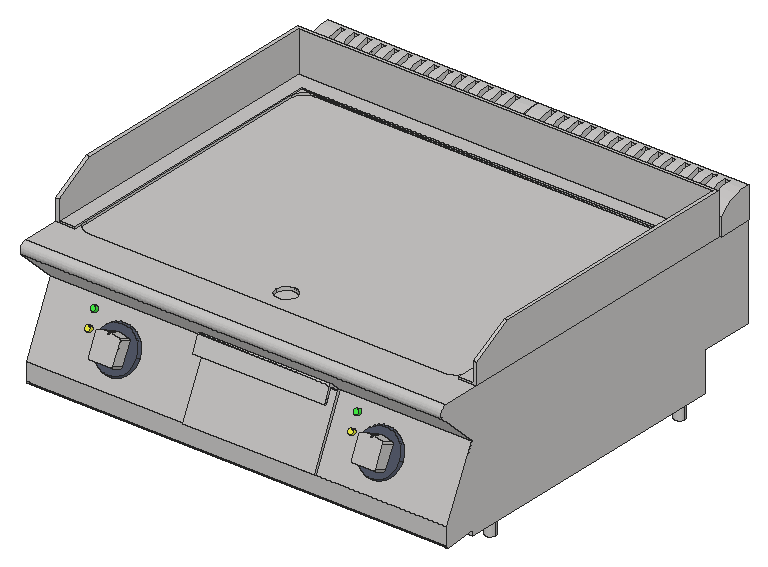
Revit family "QF_ELECTROLUXPROFESSIONAL_371344_E7IILDAOMEA", category Specialty Equipment, Revit 2018
Family settings
  Round Connector Dimension = Use Diameter
  Part Type = Normal
  Work Plane-Based = No
  Always vertical = Yes
  Cut with Voids When Loaded = No
  Shared = No
  Room Calculation Point = No
Parameters (values of type "Standard")
  Weight = 70.00 kg
  Watts = 0 W
  Volts = 380 V
  URL Manufacturer = "http://professional.electrolux.com"
  URL = "http://professional.electrolux.com"
  Steam Supply Size = 0"
  Steam Supply Minimum Pressure = 0.00 psi
  Steam Supply Maximum Pressure = 0.00 psi
  Steam Pounds per Hour = 0
  Show Logo [instance] = yes
  Show Clearance [instance] = yes
  Refrigeration Suction Line Size = 0"
  Refrigeration Liquid Line Size = 0"
  Refrigerant Compressor Remote = yes
  Phase = 3
  Model = "E7IILDAOMEA"
  Manufacturer = "Electrolux Professional"
  Length Actual = 800 mm  # constant formula
  Item Number = "371344"
  Hot Water Size = 0"
  Height Actual = 250 mm  # constant formula
  HP = "11.3 HP"
  Gas Size = 1/2"
  Gas KW = 0
  Gas Input Pressure = 0.469158 Btu/h
  Direct Waste Size = 0"
  Description = "ELECTRIC  FRY TOP-RIBBED PLATE 800MM-BRUSHED CHROME"
  Depth Actual = 730 mm  # constant formula
  Cycle = 50 Hz
  Condensate Return Size = 0"
  Compressed Air Volume = 0 GPM
  Compressed Air Size = 0"
  Compressed Air Pressure = 0.00 psi
  Cold Water Size = 0"
  Assembly Code = ""
  Accessory = yes
Reference planes
  plane 1 "BACK": y = 0
  plane 2: z = 0
  plane 3 "LEFT": x = 0
  plane 4 "RIGHT": x = 800
  plane 5 "FRONT": y = -730
  plane 6 "TOP": z = 288.925
  plane 7 "Center Y": x = 400
  plane 8 "Center X": y = -365
  plane 9 "BASE": z = 24
  plane 10 "TOP A": z = 900
  plane 11: y = -597.884
  plane 12: y = -147.637
  plane 13: z = 980.188
  plane 14: y = -700
  plane 15 "panel": through (-6096, -715, 65.146) normal (0, 0.8956, -0.4448)
  plane 16: z = 900
  plane 17: y = -782
Forms (mm)
  Extrusion 1, void
    sketch origin (0, -2.381, 900) x (-1, 0, 0) y (0, -1, 0)
      loop
        arc (-60.425, 102.504) -> (-42.464, 109.943) -> (-35.025, 127.904) r 25.4
        line (-35.025, 127.904) -> (-35.025, 617.104)
        arc (-35.025, 617.104) -> (-42.464, 635.064) -> (-60.425, 642.504) r 25.4
        line (-60.425, 642.504) -> (-739.575, 642.504)
        arc (-739.575, 642.504) -> (-757.536, 635.064) -> (-764.975, 617.104) r 25.4
        line (-764.975, 617.104) -> (-764.975, 127.904)
        arc (-764.975, 127.904) -> (-757.536, 109.943) -> (-739.575, 102.504) r 25.4
        line (-739.575, 102.504) -> (-60.425, 102.504)
    from 0 to -3.2
  Extrusion 2, solid, material "QF_Finishes_Stainless Steel"
    sketch origin (-0.2, -101.6, 727.594) x (0, 0, -1) y (-1, 0, 0)
      loop
        circle (43.694, -749.2) r 6.35
    from -1.4 to 3.175
  Extrusion 3, solid, material "QF_Finishes_Clearance", visible <- "Show Clearance", detail levels coarse
    sketch origin (0, 0, 626) x (1, 0, 0) y (0, 1, 0)
      loop
        line (0, -730) -> (0, 0) -> (800, 0) -> (800, -730) -> (900, -730) -> (900, 100) -> (-100, 100) -> (-100, -730) -> (0, -730)
    from -0.812 to 354.188
  Sweep 4, solid, material "QF_Finishes_Stainless Steel"
    path origin (0, -2.381, 900) x (-1, 0, 0) y (0, -1, 0)
      loop
        line (-764.975, 642.504) -> (-764.975, 102.504) -> (-35.025, 102.504) -> (-35.025, 642.504)
    profile origin (35.025, -374.885, 900) x (1, 0, 0) y (0, 0, 1)
      loop
        line (-35.025, 0) -> (0, 0) -> (0, 3.175) -> (-28.675, 3.175) -> (-28.675, 80.188) -> (-35.025, 80.188) -> (-35.025, 0)
  Extrusion 5, void
    sketch origin (0, -69.86, 900) x (0, 1, 0) y (0, 0, 1)
      loop
        line (-575.025, 40.306) -> (-501.995, 80.188) -> (-575.025, 80.188) -> (-575.025, 40.306)
    from 0 to 6.35
  Extrusion 6, void
    sketch origin (800, -644.885, 900) x (0, -1, 0) y (0, 0, 1)
      loop
        line (0, 40.306) -> (0, 80.188) -> (-73.03, 80.188) -> (0, 40.306)
    from 0 to 6.35
  Extrusion 7, solid, material "QF_Finishes_Stainless Steel"
    sketch origin (0, 0, 626) x (0, 1, 0) y (0, 0, 1)
      loop
        line (0, 274) -> (0, 333.723)
        arc (0, 333.723) -> (-35.067, 327.501) -> (-64.126, 306.912) r 81.449
        line (-64.126, 306.912) -> (-64.126, 274) -> (0, 274)
    from 0 to 400.05
  Extrusion 8, void
    sketch origin (0, 0, 900.638) x (0, -1, 0) y (1, 0, 0)
      loop
        line (6.761, 29.703) -> (57.378, 29.703) -> (57.378, 38.999) -> (6.761, 38.999) -> (6.761, 29.703)
      loop
        line (57.378, 64.487) -> (6.761, 64.487) -> (6.761, 55.191) -> (57.378, 55.191) -> (57.378, 64.487)
      loop
        line (57.378, 89.975) -> (6.761, 89.975) -> (6.761, 80.68) -> (57.378, 80.68) -> (57.378, 89.975)
      loop
        line (57.378, 115.464) -> (6.761, 115.464) -> (6.761, 106.168) -> (57.378, 106.168) -> (57.378, 115.464)
      loop
        line (57.378, 140.952) -> (6.761, 140.952) -> (6.761, 131.656) -> (57.378, 131.656) -> (57.378, 140.952)
      loop
        line (57.378, 166.44) -> (6.761, 166.44) -> (6.761, 157.145) -> (57.378, 157.145) -> (57.378, 166.44)
      loop
        line (57.378, 191.929) -> (6.761, 191.929) -> (6.761, 182.633) -> (57.378, 182.633) -> (57.378, 191.929)
      loop
        line (57.378, 217.417) -> (6.761, 217.417) -> (6.761, 208.121) -> (57.378, 208.121) -> (57.378, 217.417)
      loop
        line (57.378, 242.905) -> (6.761, 242.905) -> (6.761, 233.61) -> (57.378, 233.61) -> (57.378, 242.905)
      loop
        line (57.378, 268.394) -> (6.761, 268.394) -> (6.761, 259.098) -> (57.378, 259.098) -> (57.378, 268.394)
      loop
        line (57.378, 293.882) -> (6.761, 293.882) -> (6.761, 284.586) -> (57.378, 284.586) -> (57.378, 293.882)
      loop
        line (57.378, 319.37) -> (6.761, 319.37) -> (6.761, 310.075) -> (57.378, 310.075) -> (57.378, 319.37)
      loop
        line (57.378, 344.859) -> (6.761, 344.859) -> (6.761, 335.563) -> (57.378, 335.563) -> (57.378, 344.859)
      loop
        line (57.378, 370.347) -> (6.761, 370.347) -> (6.761, 361.051) -> (57.378, 361.051) -> (57.378, 370.347)
    from 25.4 to 63.5
  Extrusion 9, solid, material "QF_Finishes_Stainless Steel"
    sketch origin (400.05, 0, 626) x (0, 1, 0) y (0, 0, 1)
      loop
        line (0, 274) -> (0, 333.723)
        arc (0, 333.723) -> (-35.067, 327.501) -> (-64.126, 306.912) r 81.449
        line (-64.126, 306.912) -> (-64.126, 274) -> (0, 274)
    from 0 to 400.05
  Extrusion 10, void
    sketch origin (400.05, 0, 900.638) x (0, -1, 0) y (1, 0, 0)
      loop
        line (6.761, 29.653) -> (57.378, 29.653) -> (57.378, 38.949) -> (6.761, 38.949) -> (6.761, 29.653)
      loop
        line (57.378, 64.437) -> (6.761, 64.437) -> (6.761, 55.141) -> (57.378, 55.141) -> (57.378, 64.437)
      loop
        line (57.378, 89.925) -> (6.761, 89.925) -> (6.761, 80.63) -> (57.378, 80.63) -> (57.378, 89.925)
      loop
        line (57.378, 115.414) -> (6.761, 115.414) -> (6.761, 106.118) -> (57.378, 106.118) -> (57.378, 115.414)
      loop
        line (57.378, 140.902) -> (6.761, 140.902) -> (6.761, 131.606) -> (57.378, 131.606) -> (57.378, 140.902)
      loop
        line (57.378, 166.39) -> (6.761, 166.39) -> (6.761, 157.095) -> (57.378, 157.095) -> (57.378, 166.39)
      loop
        line (57.378, 191.879) -> (6.761, 191.879) -> (6.761, 182.583) -> (57.378, 182.583) -> (57.378, 191.879)
      loop
        line (57.378, 217.367) -> (6.761, 217.367) -> (6.761, 208.071) -> (57.378, 208.071) -> (57.378, 217.367)
      loop
        line (57.378, 242.855) -> (6.761, 242.855) -> (6.761, 233.56) -> (57.378, 233.56) -> (57.378, 242.855)
      loop
        line (57.378, 268.344) -> (6.761, 268.344) -> (6.761, 259.048) -> (57.378, 259.048) -> (57.378, 268.344)
      loop
        line (57.378, 293.832) -> (6.761, 293.832) -> (6.761, 284.536) -> (57.378, 284.536) -> (57.378, 293.832)
      loop
        line (57.378, 319.32) -> (6.761, 319.32) -> (6.761, 310.025) -> (57.378, 310.025) -> (57.378, 319.32)
      loop
        line (57.378, 344.809) -> (6.761, 344.809) -> (6.761, 335.513) -> (57.378, 335.513) -> (57.378, 344.809)
      loop
        line (57.378, 370.297) -> (6.761, 370.297) -> (6.761, 361.001) -> (57.378, 361.001) -> (57.378, 370.297)
    from 25.4 to 63.5
  Extrusion 11, solid, material "QF_Finishes_Stainless Steel"
    sketch origin (400, 0, 626) x (0, 1, 0) y (0, 0, 1)
      loop
        line (-658.272, 186.223) -> (-676.793, 204.301)
        arc (-676.793, 204.301) -> (-679.922, 205.252) -> (-682.503, 203.244) r 3.554
        line (-682.503, 203.244) -> (-695.132, 175.806) -> (-692.407, 174.552) -> (-679.778, 201.99)
        arc (-679.778, 201.99) -> (-679.376, 202.302) -> (-678.889, 202.154) r 0.554
        line (-678.889, 202.154) -> (-661.901, 185.573) -> (-718.21, 66.911) -> (-715.499, 65.625) -> (-658.272, 186.223)
    from -100 to 150
  Extrusion 12, solid, material "QF_Finishes_Drawer Clearance", visible <- "Show Clearance", detail levels coarse
    sketch origin (400, 0, 626) x (0, 1, 0) y (0, 0, 1)
      loop
        line (-779.236, 65.627) -> (-715.498, 65.627) -> (-658.272, 186.223) -> (-676.792, 204.305)
        arc (-676.792, 204.305) -> (-677.935, 205.054) -> (-679.276, 205.317) r 3.556
        line (-679.276, 205.317) -> (-756.225, 205.317)
        arc (-756.225, 205.317) -> (-761.434, 202.866) -> (-764.093, 197.761) r 9.004
        line (-764.093, 197.761) -> (-775.762, 166.634) -> (-770.291, 164.582) -> (-759.652, 192.96)
        arc (-759.652, 192.96) -> (-757.691, 194.544) -> (-755.294, 193.768) r 2.647
        line (-755.294, 193.768) -> (-731.125, 169.344) -> (-782, 66.899) -> (-779.236, 65.627)
    from -100 to 150
  Extrusion 13, solid, material "QF_Plastic-Black-Matte"
    sketch origin (592.6, -686.669, 752.407) x (0, 0.42896, 0.903324) y (0, 0.903324, -0.42896)
      loop
        line (26.984, -34) -> (23.984, -34) -> (23.984, -35) -> (26.984, -35)
        arc (26.984, -35) -> (27.691, -34.707) -> (27.984, -34) r 1
        line (27.984, -34) -> (27.984, -19) -> (26.984, -19) -> (26.984, -34)
    from -58.5 to -56.5
  Extrusion 14, solid, material "QF_Finishes_Stainless Steel"
    sketch origin (650.1, -686.669, 752.407) x (-1, 0, 0) y (0, -0.42896, -0.903324)
      loop
        line (17.6, -17.5) -> (17.6, 17.5) -> (-17.4, 17.5) -> (-17.4, -17.5) -> (17.6, -17.5)
    from 5 to 10
  Blend 15, solid, material "QF_Finishes_Navy Blue"
    base sketch origin (650.1, -686.669, 752.407) x (1, 0, 0) y (0, 0.42896, 0.903324)
      loop
        circle (-0.1, 0) r 42.5
    top sketch origin (650.1, -686.669, 752.407) x (1, 0, 0) y (0, 0.42896, 0.903324)
      loop
        circle (-0.1, 0) r 40.5
    from 0 to 5
  Extrusion 16, solid, material "QF_Finishes_Stainless Steel"
    sketch origin (650.1, -686.669, 752.407) x (-1, 0, 0) y (0, -0.42896, -0.903324)
      loop
        arc (-21.047, -22.789) -> (0.1, -26.984) -> (21.247, -22.789) r 55.4
        arc (21.247, -22.789) -> (22.594, -21.685) -> (23.1, -20.019) r 2.997
        line (23.1, -20.019) -> (23.1, 20.019)
        arc (23.1, 20.019) -> (22.222, 22.138) -> (20.103, 23.016) r 2.997
        line (20.103, 23.016) -> (-19.903, 23.016)
        arc (-19.903, 23.016) -> (-22.022, 22.138) -> (-22.9, 20.019) r 2.997
        line (-22.9, 20.019) -> (-22.9, -20.019)
        arc (-22.9, -20.019) -> (-22.394, -21.685) -> (-21.047, -22.789) r 2.997
    from 10 to 34
  Extrusion 17, solid, material "QF_Plastic-Black-Matte"
    sketch origin (92.5, -686.673, 752.372) x (0, 0.428711, 0.903442) y (0, 0.903442, -0.428711)
      loop
        line (26.984, -34) -> (23.984, -34) -> (23.984, -35) -> (26.984, -35)
        arc (26.984, -35) -> (27.691, -34.707) -> (27.984, -34) r 1
        line (27.984, -34) -> (27.984, -19) -> (26.984, -19) -> (26.984, -34)
    from -58.5 to -56.5
  Extrusion 18, solid, material "QF_Finishes_Stainless Steel"
    sketch origin (150, -686.673, 752.372) x (-1, 0, 0) y (0, -0.428711, -0.903442)
      loop
        line (17.5, -17.5) -> (17.5, 17.5) -> (-17.5, 17.5) -> (-17.5, -17.5) -> (17.5, -17.5)
    from 5 to 10
  Blend 19, solid, material "QF_Finishes_Navy Blue"
    base sketch origin (150, -686.673, 752.372) x (1, 0, 0) y (0, 0.428711, 0.903442)
      loop
        circle (0, 0) r 42.5
    top sketch origin (150, -686.673, 752.372) x (1, 0, 0) y (0, 0.428711, 0.903442)
      loop
        circle (0, 0) r 40.5
    from 0 to 5
  Extrusion 20, solid, material "QF_Finishes_Stainless Steel"
    sketch origin (150, -686.673, 752.372) x (-1, 0, 0) y (0, -0.428711, -0.903442)
      loop
        arc (-21.147, -22.789) -> (0, -26.984) -> (21.147, -22.789) r 55.4
        arc (21.147, -22.789) -> (22.494, -21.685) -> (23, -20.019) r 2.997
        line (23, -20.019) -> (23, 20.019)
        arc (23, 20.019) -> (22.122, 22.138) -> (20.003, 23.016) r 2.997
        line (20.003, 23.016) -> (-20.003, 23.016)
        arc (-20.003, 23.016) -> (-22.122, 22.138) -> (-23, 20.019) r 2.997
        line (-23, 20.019) -> (-23, -20.019)
        arc (-23, -20.019) -> (-22.494, -21.685) -> (-21.147, -22.789) r 2.997
    from 10 to 34
  Extrusion 21, solid, material "QF_Finishes_Stainless Steel"
    sketch origin (0, -4, 625.188) x (1, 0, 0) y (0, 1, 0)
      loop
        circle (11.012, -145.25) r 9.525
      loop
        circle (11.012, -595.25) r 9.525
      loop
        circle (789, -145.25) r 9.525
      loop
        circle (789, -595.25) r 9.525
    from 0 to 24
  Extrusion 22, solid, material "QF_Finishes_Stainless Steel"
    sketch origin (0, 0, 625.188) x (0, 1, 0) y (0, 0, 1)
      loop
        line (0, 274.812) -> (-717.921, 274.812)
        arc (-717.921, 274.812) -> (-729.312, 267.202) -> (-726.639, 253.766) r 12.329
        line (-726.639, 253.766) -> (-658.272, 187.036) -> (-715.499, 66.438) -> (-715.499, 32.889)
        arc (-715.499, 32.889) -> (-714.341, 30.288) -> (-711.633, 29.408) r 3.5
        line (-711.633, 29.408) -> (-654.865, 35.203) -> (-654.865, 24) -> (-103, 24) -> (-103, 98) -> (0, 98) -> (0, 274.812)
    from 0 to 800
  Extrusion 23, void
    sketch origin (0, 0, 0) x (1, 0, 0) y (0, 1, 0)
      loop
        circle (400, -597.884) r 20
    from 891.4 to 896.8
  Extrusion 24, solid, material "QF_Finishes_Geen"
    sketch origin (18.75, -714.963, 692.754) x (0, 0.428711, 0.903442) y (-1, 0, 0)
      loop
        circle (111.399, -73.669) r 5
    from 0 to 5
  Extrusion 25, solid, material "QF_Finishes_Yellow"
    sketch origin (18.75, -728.361, 664.522) x (0, 0.428711, 0.903442) y (-1, 0, 0)
      loop
        circle (111.399, -73.669) r 5
    from 0 to 5
  Extrusion 26, solid, material "QF_Finishes_Geen"
    sketch origin (666.25, -714.963, 692.754) x (0, 0.428711, 0.903442) y (-1, 0, 0)
      loop
        circle (111.399, 73.669) r 5
    from 0 to 5
  Extrusion 27, solid, material "QF_Finishes_Yellow"
    sketch origin (666.25, -728.361, 664.522) x (0, 0.428711, 0.903442) y (-1, 0, 0)
      loop
        circle (111.399, 73.669) r 5
    from 0 to 5
Cuts and joins
  Extrusion 5, Extrusion 6 cuts Sweep 4
  Extrusion 8 cuts Extrusion 7
  Extrusion 10 cuts Extrusion 9
  Extrusion 1, Extrusion 23 cuts Extrusion 22
Lines and regions (mm)
  symbolic lines, style "QF-Clearances", visible <- "Show Clearance", detail levels coarse
    curve 1: line (-100, 100, 900) -> (-100, -730, 900)
    curve 2: line (900, 100, 900) -> (-100, 100, 900)
    curve 3: line (900, -731.377, 900) -> (900, 100, 900)
  symbolic lines
    curve 4: line (0, 0, 900) -> (800, 0, 900)
    curve 5: line (0, -730, 900) -> (0, 0, 900)
    curve 6: line (800, 0, 900) -> (800, -730, 900)
    curve 7: line (35.025, -104.885, 900) -> (35.025, -644.885, 900)
    curve 8: arc (35.025, -619.485, 900) -> (42.464, -637.445, 900) -> (60.425, -644.885, 900) r 25.4
    curve 9: line (0, -644.885, 900) -> (35.025, -644.885, 900)
    curve 10: arc (739.215, -644.885, 900) -> (757.736, -637.213, 900) -> (765.407, -618.692, 900) r 26.193
    curve 11: line (765.407, -644.885, 900) -> (765.407, -104.885, 900)
    curve 12: line (765.407, -104.885, 900) -> (35.025, -104.885, 900)
    curve 13: line (0, -69.85, 900) -> (800, -69.85, 900)
    curve 14: line (6.35, -76.21, 900) -> (6.35, -644.885, 900)
    curve 15: line (6.35, -76.21, 900) -> (793.65, -76.21, 900)
    curve 16: line (793.65, -76.21, 900) -> (793.65, -644.885, 900)
    curve 17: line (765.407, -644.885, 900) -> (800, -644.885, 900)
    curve 18: line (60.425, -644.885, 900) -> (739.215, -644.885, 900)
    curve 22: line (0, 0, 274.638) -> (800, 0, 274.638)
    curve 23: line (0, -69.85, 274.638) -> (800, -69.85, 274.638)
    curve 24: line (29.703, -6.761, 0) -> (38.999, -6.761, 0)
    curve 25: line (29.703, -57.378, 0) -> (29.703, -6.761, 0)
    curve 26: line (38.999, -57.378, 0) -> (29.703, -57.378, 0)
    curve 27: line (38.999, -6.761, 0) -> (38.999, -57.378, 0)
    curve 28: line (55.191, -6.761, 0) -> (64.487, -6.761, 0)
    curve 29: line (55.191, -57.378, 0) -> (55.191, -6.761, 0)
    curve 30: line (64.487, -57.378, 0) -> (55.191, -57.378, 0)
    curve 31: line (64.487, -6.761, 0) -> (64.487, -57.378, 0)
    curve 32: line (80.68, -6.761, 0) -> (89.975, -6.761, 0)
    curve 33: line (80.68, -57.378, 0) -> (80.68, -6.761, 0)
    curve 34: line (89.975, -57.378, 0) -> (80.68, -57.378, 0)
    curve 35: line (89.975, -6.761, 0) -> (89.975, -57.378, 0)
    curve 36: line (106.168, -6.761, 0) -> (115.464, -6.761, 0)
    curve 37: line (106.168, -57.378, 0) -> (106.168, -6.761, 0)
    curve 38: line (115.464, -57.378, 0) -> (106.168, -57.378, 0)
    curve 39: line (115.464, -6.761, 0) -> (115.464, -57.378, 0)
    curve 40: line (131.656, -6.761, 0) -> (140.952, -6.761, 0)
    curve 41: line (131.656, -57.378, 0) -> (131.656, -6.761, 0)
    curve 42: line (140.952, -57.378, 0) -> (131.656, -57.378, 0)
    curve 43: line (140.952, -6.761, 0) -> (140.952, -57.378, 0)
    curve 44: line (157.145, -6.761, 0) -> (166.44, -6.761, 0)
    curve 45: line (157.145, -57.378, 0) -> (157.145, -6.761, 0)
    curve 46: line (166.44, -57.378, 0) -> (157.145, -57.378, 0)
    curve 47: line (166.44, -6.761, 0) -> (166.44, -57.378, 0)
    curve 48: line (182.633, -6.761, 0) -> (191.929, -6.761, 0)
    curve 49: line (182.633, -57.378, 0) -> (182.633, -6.761, 0)
    curve 50: line (191.929, -57.378, 0) -> (182.633, -57.378, 0)
    curve 51: line (191.929, -6.761, 0) -> (191.929, -57.378, 0)
    curve 52: line (208.121, -6.761, 0) -> (217.417, -6.761, 0)
    curve 53: line (208.121, -57.378, 0) -> (208.121, -6.761, 0)
    curve 54: line (217.417, -57.378, 0) -> (208.121, -57.378, 0)
    curve 55: line (217.417, -6.761, 0) -> (217.417, -57.378, 0)
    curve 56: line (233.61, -6.761, 0) -> (242.905, -6.761, 0)
    curve 57: line (233.61, -57.378, 0) -> (233.61, -6.761, 0)
    curve 58: line (242.905, -57.378, 0) -> (233.61, -57.378, 0)
    curve 59: line (242.905, -6.761, 0) -> (242.905, -57.378, 0)
    curve 60: line (259.098, -6.761, 0) -> (268.394, -6.761, 0)
    curve 61: line (259.098, -57.378, 0) -> (259.098, -6.761, 0)
    curve 62: line (268.394, -57.378, 0) -> (259.098, -57.378, 0)
    curve 63: line (268.394, -6.761, 0) -> (268.394, -57.378, 0)
    curve 64: line (284.586, -6.761, 0) -> (293.882, -6.761, 0)
    curve 65: line (284.586, -57.378, 0) -> (284.586, -6.761, 0)
    curve 66: line (293.882, -57.378, 0) -> (284.586, -57.378, 0)
    curve 67: line (293.882, -6.761, 0) -> (293.882, -57.378, 0)
    curve 68: line (310.075, -6.761, 0) -> (319.37, -6.761, 0)
    curve 69: line (310.075, -57.378, 0) -> (310.075, -6.761, 0)
    curve 70: line (319.37, -57.378, 0) -> (310.075, -57.378, 0)
    curve 71: line (319.37, -6.761, 0) -> (319.37, -57.378, 0)
    curve 72: line (335.563, -6.761, 0) -> (344.859, -6.761, 0)
    curve 73: line (335.563, -57.378, 0) -> (335.563, -6.761, 0)
    curve 74: line (344.859, -57.378, 0) -> (335.563, -57.378, 0)
    curve 75: line (344.859, -6.761, 0) -> (344.859, -57.378, 0)
    curve 76: line (361.051, -6.761, 0) -> (370.347, -6.761, 0)
    curve 77: line (361.051, -57.378, 0) -> (361.051, -6.761, 0)
    curve 78: line (370.347, -57.378, 0) -> (361.051, -57.378, 0)
    curve 79: line (370.347, -6.761, 0) -> (370.347, -57.378, 0)
    curve 80: line (400, 0, 0) -> (400, -69.85, 0)
    curve 81: line (770.347, -6.761, 0) -> (761.051, -6.761, 0)
    curve 82: line (770.347, -57.378, 0) -> (770.347, -6.761, 0)
    curve 83: line (761.051, -57.378, 0) -> (770.347, -57.378, 0)
    curve 84: line (761.051, -6.761, 0) -> (761.051, -57.378, 0)
    curve 85: line (744.859, -6.761, 0) -> (735.563, -6.761, 0)
    curve 86: line (744.859, -57.378, 0) -> (744.859, -6.761, 0)
    curve 87: line (735.563, -57.378, 0) -> (744.859, -57.378, 0)
    curve 88: line (735.563, -6.761, 0) -> (735.563, -57.378, 0)
    curve 89: line (719.37, -6.761, 0) -> (710.075, -6.761, 0)
    curve 90: line (719.37, -57.378, 0) -> (719.37, -6.761, 0)
    curve 91: line (710.075, -57.378, 0) -> (719.37, -57.378, 0)
    curve 92: line (710.075, -6.761, 0) -> (710.075, -57.378, 0)
    curve 93: line (693.882, -6.761, 0) -> (684.586, -6.761, 0)
    curve 94: line (693.882, -57.378, 0) -> (693.882, -6.761, 0)
    curve 95: line (684.586, -57.378, 0) -> (693.882, -57.378, 0)
    curve 96: line (684.586, -6.761, 0) -> (684.586, -57.378, 0)
    curve 97: line (668.394, -6.761, 0) -> (659.098, -6.761, 0)
    curve 98: line (668.394, -57.378, 0) -> (668.394, -6.761, 0)
    curve 99: line (659.098, -57.378, 0) -> (668.394, -57.378, 0)
    curve 100: line (659.098, -6.761, 0) -> (659.098, -57.378, 0)
    curve 101: line (642.905, -6.761, 0) -> (633.61, -6.761, 0)
    curve 102: line (642.905, -57.378, 0) -> (642.905, -6.761, 0)
    curve 103: line (633.61, -57.378, 0) -> (642.905, -57.378, 0)
    curve 104: line (633.61, -6.761, 0) -> (633.61, -57.378, 0)
    curve 105: line (617.417, -6.761, 0) -> (608.121, -6.761, 0)
    curve 106: line (617.417, -57.378, 0) -> (617.417, -6.761, 0)
    curve 107: line (608.121, -57.378, 0) -> (617.417, -57.378, 0)
    curve 108: line (608.121, -6.761, 0) -> (608.121, -57.378, 0)
    curve 109: line (591.929, -6.761, 0) -> (582.633, -6.761, 0)
    curve 110: line (591.929, -57.378, 0) -> (591.929, -6.761, 0)
    curve 111: line (582.633, -57.378, 0) -> (591.929, -57.378, 0)
    curve 112: line (582.633, -6.761, 0) -> (582.633, -57.378, 0)
    curve 113: line (566.44, -6.761, 0) -> (557.145, -6.761, 0)
    curve 114: line (566.44, -57.378, 0) -> (566.44, -6.761, 0)
    curve 115: line (557.145, -57.378, 0) -> (566.44, -57.378, 0)
    curve 116: line (557.145, -6.761, 0) -> (557.145, -57.378, 0)
    curve 117: line (540.952, -6.761, 0) -> (531.656, -6.761, 0)
    curve 118: line (540.952, -57.378, 0) -> (540.952, -6.761, 0)
    curve 119: line (531.656, -57.378, 0) -> (540.952, -57.378, 0)
    curve 120: line (531.656, -6.761, 0) -> (531.656, -57.378, 0)
    curve 121: line (515.464, -6.761, 0) -> (506.168, -6.761, 0)
    curve 122: line (515.464, -57.378, 0) -> (515.464, -6.761, 0)
    curve 123: line (506.168, -57.378, 0) -> (515.464, -57.378, 0)
    curve 124: line (506.168, -6.761, 0) -> (506.168, -57.378, 0)
    curve 125: line (489.975, -6.761, 0) -> (480.68, -6.761, 0)
    curve 126: line (489.975, -57.378, 0) -> (489.975, -6.761, 0)
    curve 127: line (480.68, -57.378, 0) -> (489.975, -57.378, 0)
    curve 128: line (480.68, -6.761, 0) -> (480.68, -57.378, 0)
    curve 129: line (464.487, -6.761, 0) -> (455.191, -6.761, 0)
    curve 130: line (464.487, -57.378, 0) -> (464.487, -6.761, 0)
    curve 131: line (455.191, -57.378, 0) -> (464.487, -57.378, 0)
    curve 132: line (455.191, -6.761, 0) -> (455.191, -57.378, 0)
    curve 133: line (438.999, -6.761, 0) -> (429.703, -6.761, 0)
    curve 134: line (438.999, -57.378, 0) -> (438.999, -6.761, 0)
    curve 135: line (429.703, -57.378, 0) -> (438.999, -57.378, 0)
    curve 136: line (429.703, -6.761, 0) -> (429.703, -57.378, 0)
    curve 137: line (0, -715, 0) -> (800, -715, 0)
    curve 138: line (673, -715, 0) -> (673, -739.347, 0)
    curve 139: arc (673, -739.347, 0) -> (672.854, -739.811, 0) -> (672.468, -740.107, 0) r 0.809
    curve 140: arc (672.468, -740.107, 0) -> (671.28, -740.587, 0) -> (670.003, -740.68, 0) r 4.127
    curve 141: arc (673, -719.292, 0) -> (678.041, -717.458, 0) -> (682.809, -715, 0) r 42.24
    curve 142: arc (673, -721.539, 0) -> (672.498, -720.818, 0) -> (671.701, -720.448, 0) r 1.682
    curve 143: arc (671.701, -720.448, 0) -> (661.398, -718.95, 0) -> (651, -718.441, 0) r 109.079
    curve 144: line (651, -715, 0) -> (651, -720.671, 0)
    curve 145: line (651, -720.671, 0) -> (649, -720.671, 0)
    curve 146: line (649, -720.671, 0) -> (649, -715, 0)
    curve 147: line (627, -715, 0) -> (627, -739.347, 0)
    curve 148: arc (627, -739.347, 0) -> (627.146, -739.811, 0) -> (627.532, -740.107, 0) r 0.809
    curve 149: arc (627.532, -740.107, 0) -> (628.72, -740.587, 0) -> (629.997, -740.68, 0) r 4.127
    curve 150: arc (627, -719.292, 0) -> (621.959, -717.458, 0) -> (617.191, -715, 0) r 42.24
    curve 151: arc (627, -721.539, 0) -> (627.502, -720.818, 0) -> (628.299, -720.448, 0) r 1.682
    curve 152: arc (628.299, -720.448, 0) -> (638.602, -718.95, 0) -> (649, -718.441, 0) r 109.079
    curve 153: line (670.003, -740.68, 0) -> (629.997, -740.68, 0)
    curve 154: line (173, -730, 0) -> (627, -730, 0)
    curve 155: line (673, -730, 0) -> (800, -730, 0)
    curve 156: line (300, -730, 0) -> (300, -715, 0)
    curve 157: line (549.95, -730, 0) -> (549.95, -715, 0)
    curve 158: line (173, -715, 0) -> (173, -739.347, 0)
    curve 159: arc (173, -739.347, 0) -> (172.854, -739.811, 0) -> (172.468, -740.107, 0) r 0.809
    curve 160: arc (172.468, -740.107, 0) -> (171.28, -740.587, 0) -> (170.003, -740.68, 0) r 4.127
    curve 161: arc (173, -719.292, 0) -> (178.041, -717.458, 0) -> (182.809, -715, 0) r 42.24
    curve 162: arc (173, -721.539, 0) -> (172.498, -720.818, 0) -> (171.701, -720.448, 0) r 1.682
    curve 163: arc (171.701, -720.448, 0) -> (161.398, -718.95, 0) -> (151, -718.441, 0) r 109.079
    curve 164: line (151, -715, 0) -> (151, -720.671, 0)
    curve 165: line (151, -720.671, 0) -> (149, -720.671, 0)
    curve 166: line (149, -720.671, 0) -> (149, -715, 0)
    curve 167: line (127, -715, 0) -> (127, -739.347, 0)
    curve 168: arc (127, -739.347, 0) -> (127.146, -739.811, 0) -> (127.532, -740.107, 0) r 0.809
    curve 169: arc (127.532, -740.107, 0) -> (128.72, -740.587, 0) -> (129.997, -740.68, 0) r 4.127
    curve 170: arc (127, -719.292, 0) -> (121.959, -717.458, 0) -> (117.191, -715, 0) r 42.24
    curve 171: arc (127, -721.539, 0) -> (127.502, -720.818, 0) -> (128.299, -720.448, 0) r 1.682
    curve 172: arc (128.299, -720.448, 0) -> (138.602, -718.95, 0) -> (149, -718.441, 0) r 109.079
    curve 173: line (170.003, -740.68, 0) -> (129.997, -740.68, 0)
    curve 174: line (127, -730, 0) -> (0, -730, 0)
    curve 175: arc (420, -597.884, 0) -> (400, -577.884, 0) -> (380, -597.884, 0) r 20
    curve 176: arc (380, -597.884, 0) -> (400, -617.884, 0) -> (420, -597.884, 0) r 20
    curve 177: line (0, -64.126, 0) -> (800, -64.126, 0)
  symbolic lines, style "QF_Drawer Clearance"
    curve 19: line (300, -782, 0) -> (300, -730, 0)
    curve 20: line (300, -782, 0) -> (550, -782, 0)
    curve 21: line (550, -782, 0) -> (550, -730, 0)
Dimensions and locks
  equal spacing: plane 3 "LEFT", plane 7 "Center Y", plane 4 "RIGHT"
  plane 3 "LEFT" to plane 4 "RIGHT" = 800 mm
  equal spacing: plane 5 "FRONT", plane 8 "Center X", plane 1 "BACK"
  plane 5 "FRONT" to plane 1 "BACK" = 730 mm
  plane 1 "BACK" to plane 5 "FRONT" = 730 mm
  plane 9 "BASE" to level = 24 mm  (x2)
  Sweep 4 sketch curve to level = 980.187 mm
  plane 10 "TOP A" to plane 9 "BASE" = 876 mm  (x2)
  plane 13 to level = 980.187 mm
  plane 1 "BACK" to plane 14 = 700 mm
  plane 16 to level = 900 mm  (x2)
  Extrusion 22 to Extrusion 22 = 250.812 mm
  Extrusion 21 to Extrusion 22 = 24 mm
  Extrusion 21 to Extrusion 21 = 450 mm
  Extrusion 21 to Extrusion 3 = 130.75 mm
  plane 1 "BACK" to Extrusion 21 = 149.25 mm
  plane 1 "BACK" to Extrusion 22 = 103 mm
  Extrusion 22 to Extrusion 22 = 74 mm
  Extrusion 21 to plane 13 = 355 mm
  plane 1 "BACK" to plane 17 = 782 mm
  aligned and locked: level to plane 2
  aligned: plane 6 "TOP" to Extrusion 3
Automatic sketch dimensions
  Extrusion 1 sketch curve to plane 4 "RIGHT" = 35.025 mm
  Extrusion 1 sketch curve to Extrusion 1 sketch curve = 25.4 mm  (x3)
  Extrusion 1 sketch curve to plane 12 = 17.353 mm
  plane 3 "LEFT" to Extrusion 1 sketch curve = 60.425 mm  (x2)
  plane 11 to Extrusion 1 sketch curve = 21.6 mm
  Extrusion 2 sketch curve to plane 4 "RIGHT" = 51 mm
  Extrusion 2 sketch curve to plane 10 "TOP A" = 216.1 mm
  plane 5 "FRONT" to Extrusion 3 sketch curve = 0 mm  (x2)
  plane 1 "BACK" to Extrusion 3 sketch curve = 0 mm
  Extrusion 3 sketch curve to plane 3 "LEFT" = 0 mm
  Extrusion 3 sketch curve to plane 4 "RIGHT" = 0 mm
  Extrusion 3 sketch curve to plane 3 "LEFT" = 100 mm
  plane 4 "RIGHT" to Extrusion 3 sketch curve = 100 mm
  Extrusion 3 sketch curve to plane 1 "BACK" = 100 mm
  plane 1 "BACK" to curve 6 = 0 mm
  curve 6 to plane 4 "RIGHT" = 0 mm
  curve 13 to plane 3 "LEFT" = 0 mm
  plane 5 "FRONT" to curve 1 = 0 mm
  plane 5 "FRONT" to curve 5 = 0 mm
  plane 5 "FRONT" to curve 6 = 0 mm
  plane 4 "RIGHT" to curve 3 = 100 mm
  curve 15 to plane 4 "RIGHT" = 6.35 mm
  curve 11 to plane 4 "RIGHT" = 34.593 mm
  plane 11 to curve 10 = 20.807 mm
  curve 10 to curve 10 = 26.193 mm
  curve 18 to curve 7 = 25.4 mm
  plane 3 "LEFT" to curve 14 = 6.35 mm
  curve 2 to plane 3 "LEFT" = 100 mm
  curve 1 to plane 1 "BACK" = 100 mm
  curve 15 to curve 11 = 28.675 mm
  curve 8 to curve 7 = 25.4 mm
  curve 10 to curve 17 = 26.193 mm
  curve 13 to curve 15 = 6.36 mm
  plane 5 "FRONT" to curve 3 = 1.377 mm
  Sweep 4 sketch curve to plane 4 "RIGHT" = 35.025 mm
  plane 3 "LEFT" to Sweep 4 sketch curve = 35.025 mm
  Sweep 4 sketch curve to plane 12 = 42.753 mm
  plane 11 to Sweep 4 sketch curve = 47 mm  (x2)
  Sweep 4 sketch curve to profile plane = 0 mm
  profile plane to Sweep 4 sketch curve = 0 mm
  profile plane to Sweep 4 sketch curve = 28.675 mm
  Sweep 4 sketch curve to Sweep 4 sketch curve = 6.35 mm
  profile plane to Sweep 4 sketch curve = 3.175 mm
  Extrusion 5 sketch curve to plane 13 = 0 mm
  plane 11 to Extrusion 5 sketch curve = 47 mm
  Extrusion 5 sketch curve to plane 11 = 26.03 mm
  Extrusion 5 sketch curve to Extrusion 5 sketch curve = 39.881 mm
  Extrusion 6 sketch curve to plane 13 = 0 mm
  Extrusion 6 sketch curve to plane 11 = 26.03 mm
  plane 11 to Extrusion 6 sketch curve = 47 mm
  Extrusion 6 sketch curve to Extrusion 6 sketch curve = 39.881 mm
  Extrusion 7 sketch curve to plane 10 "TOP A" = 0 mm
  Extrusion 7 sketch curve to plane 1 "BACK" = 0 mm
  plane 1 "BACK" to Extrusion 7 sketch curve = 3.649 mm
  plane 10 "TOP A" to Extrusion 7 sketch curve = 32.912 mm
  plane 1 "BACK" to Extrusion 7 sketch curve = 64.126 mm
  Extrusion 7 sketch curve to plane 10 "TOP A" = 21.645 mm
  plane 1 "BACK" to Extrusion 8 sketch curve = 6.761 mm  (x14)
  Extrusion 8 sketch curve to Extrusion 8 sketch curve = 50.617 mm
  Extrusion 8 sketch curve to Extrusion 8 sketch curve = 0 mm  (x13)
  plane 3 "LEFT" to Extrusion 8 sketch curve = 29.703 mm
  Extrusion 8 sketch curve to Extrusion 8 sketch curve = 9.296 mm  (x14)
  Extrusion 8 sketch curve to Extrusion 8 sketch curve = 16.193 mm  (x13)
  Extrusion 9 sketch curve to plane 10 "TOP A" = 0 mm
  Extrusion 9 sketch curve to plane 1 "BACK" = 0 mm
  plane 1 "BACK" to Extrusion 9 sketch curve = 3.649 mm
  plane 10 "TOP A" to Extrusion 9 sketch curve = 32.912 mm
  plane 1 "BACK" to Extrusion 9 sketch curve = 64.126 mm
  Extrusion 9 sketch curve to plane 10 "TOP A" = 21.645 mm
  plane 1 "BACK" to Extrusion 10 sketch curve = 6.761 mm  (x14)
  Extrusion 10 sketch curve to Extrusion 10 sketch curve = 50.617 mm
  Extrusion 10 sketch curve to Extrusion 10 sketch curve = 0 mm  (x13)
  plane 7 "Center Y" to Extrusion 10 sketch curve = 29.703 mm
  Extrusion 10 sketch curve to Extrusion 10 sketch curve = 9.296 mm  (x14)
  Extrusion 10 sketch curve to Extrusion 10 sketch curve = 16.193 mm  (x13)
  plane 1 "BACK" to curve 22 = 0 mm
  curve 22 to plane 4 "RIGHT" = 0 mm
  curve 23 to plane 4 "RIGHT" = 0 mm
  curve 23 to plane 3 "LEFT" = 0 mm
  curve 22 to plane 3 "LEFT" = 0 mm
  curve 22 to curve 23 = 69.85 mm
  Extrusion 11 sketch curve to Extrusion 11 sketch curve = 0 mm  (x2)
  Extrusion 11 sketch curve to plane 5 "FRONT" = 11.79 mm
  Extrusion 11 sketch curve to Extrusion 11 sketch curve = 2.71 mm
  Extrusion 11 sketch curve to plane 14 = 4.868 mm
  Extrusion 11 sketch curve to Extrusion 11 sketch curve = 2.725 mm  (x2)
  Extrusion 11 sketch curve to plane 14 = 17.497 mm
  Extrusion 11 sketch curve to Extrusion 11 sketch curve = 0.503 mm
  Extrusion 11 sketch curve to Extrusion 11 sketch curve = 0.387 mm
  Extrusion 11 sketch curve to Extrusion 11 sketch curve = 2.095 mm
  Extrusion 11 sketch curve to Extrusion 11 sketch curve = 16.988 mm
  Extrusion 11 sketch curve to Extrusion 11 sketch curve = 3.629 mm
  Extrusion 11 sketch curve to plane 10 "TOP A" = 208.375 mm
  Extrusion 11 sketch curve to Extrusion 11 sketch curve = 1.286 mm
  Extrusion 11 sketch curve to Extrusion 11 sketch curve = 11.021 mm
  Extrusion 11 sketch curve to Extrusion 11 sketch curve = 1.254 mm
  Extrusion 11 sketch curve to Extrusion 11 sketch curve = 0.231 mm
  Extrusion 12 sketch curve to plane 17 = 0 mm
  plane 17 to Extrusion 12 sketch curve = 2.764 mm
  plane 17 to Extrusion 12 sketch curve = 6.238 mm
  Extrusion 12 sketch curve to Extrusion 12 sketch curve = 5.472 mm
  plane 17 to Extrusion 12 sketch curve = 17.907 mm
  Extrusion 12 sketch curve to Extrusion 12 sketch curve = 4.441 mm
  Extrusion 12 sketch curve to Extrusion 12 sketch curve = 2.443 mm
  Extrusion 12 sketch curve to Extrusion 12 sketch curve = 7.868 mm
  Extrusion 12 sketch curve to Extrusion 12 sketch curve = 1.915 mm
  Extrusion 12 sketch curve to Extrusion 12 sketch curve = 0.097 mm
  plane 5 "FRONT" to Extrusion 12 sketch curve = 1.125 mm
  Extrusion 12 sketch curve to plane 5 "FRONT" = 14.502 mm
  Extrusion 12 sketch curve to plane 14 = 20.724 mm
  Extrusion 12 sketch curve to Extrusion 12 sketch curve = 2.485 mm
  Extrusion 12 sketch curve to Extrusion 12 sketch curve = 18.52 mm
  Extrusion 12 sketch curve to plane 10 "TOP A" = 208.373 mm
  Extrusion 12 sketch curve to Extrusion 12 sketch curve = 1.272 mm
  Extrusion 12 sketch curve to Extrusion 12 sketch curve = 97.683 mm
  Extrusion 12 sketch curve to Extrusion 12 sketch curve = 2.051 mm
  Extrusion 12 sketch curve to Extrusion 12 sketch curve = 23.616 mm
  Extrusion 12 sketch curve to Extrusion 12 sketch curve = 16.879 mm
  Extrusion 12 sketch curve to Extrusion 12 sketch curve = 1.019 mm
  Extrusion 12 sketch curve to Extrusion 12 sketch curve = 2.604 mm
  Extrusion 12 sketch curve to Extrusion 12 sketch curve = 3.556 mm
  plane 14 to Extrusion 13 sketch curve = 7.998 mm
  Extrusion 13 sketch curve to plane 10 "TOP A" = 110.914 mm
  Extrusion 13 sketch curve to Extrusion 13 sketch curve = 3 mm
  Extrusion 13 sketch curve to Extrusion 13 sketch curve = 0 mm
  Extrusion 13 sketch curve to Extrusion 13 sketch curve = 1 mm  (x2)
  Extrusion 13 sketch curve to Extrusion 13 sketch curve = 15 mm
  Extrusion 14 sketch curve to plane 4 "RIGHT" = 132.5 mm
  Extrusion 14 sketch curve to Extrusion 14 sketch curve = 35 mm  (x2)
  Blend 15 sketch curve to plane 4 "RIGHT" = 150 mm  (x2)
  Extrusion 16 sketch curve to plane 4 "RIGHT" = 127 mm
  Extrusion 16 sketch curve to Extrusion 16 sketch curve = 2.997 mm  (x3)
  Extrusion 16 sketch curve to Extrusion 16 sketch curve = 20.003 mm  (x2)
  Extrusion 16 sketch curve to Extrusion 16 sketch curve = 40.005 mm
  Extrusion 16 sketch curve to Extrusion 16 sketch curve = 0 mm  (x2)
  Extrusion 16 sketch curve to Extrusion 16 sketch curve = 40.037 mm
  Extrusion 16 sketch curve to Extrusion 16 sketch curve = 5.399 mm
  plane 14 to Extrusion 17 sketch curve = 8.011 mm
  Extrusion 17 sketch curve to plane 10 "TOP A" = 110.955 mm
  Extrusion 17 sketch curve to Extrusion 17 sketch curve = 3 mm
  Extrusion 17 sketch curve to Extrusion 17 sketch curve = 0 mm
  Extrusion 17 sketch curve to Extrusion 17 sketch curve = 1 mm  (x2)
  Extrusion 17 sketch curve to Extrusion 17 sketch curve = 15 mm
  plane 3 "LEFT" to Extrusion 18 sketch curve = 167.5 mm
  Extrusion 18 sketch curve to Extrusion 18 sketch curve = 35 mm  (x2)
  plane 3 "LEFT" to Blend 19 sketch curve = 150 mm  (x2)
  plane 3 "LEFT" to Extrusion 20 sketch curve = 173 mm
  Extrusion 20 sketch curve to Extrusion 20 sketch curve = 2.997 mm  (x3)
  Extrusion 20 sketch curve to Extrusion 20 sketch curve = 20.003 mm  (x2)
  Extrusion 20 sketch curve to Extrusion 20 sketch curve = 40.005 mm
  Extrusion 20 sketch curve to Extrusion 20 sketch curve = 0 mm  (x2)
  Extrusion 20 sketch curve to Extrusion 20 sketch curve = 40.037 mm
  Extrusion 20 sketch curve to Extrusion 20 sketch curve = 5.399 mm
  plane 11 to Extrusion 21 sketch curve = 1.366 mm  (x2)
  plane 3 "LEFT" to Extrusion 21 sketch curve = 11.012 mm  (x2)
  plane 12 to Extrusion 21 sketch curve = 1.613 mm  (x2)
  Extrusion 21 sketch curve to plane 4 "RIGHT" = 11 mm  (x2)
  Extrusion 22 sketch curve to plane 10 "TOP A" = 0 mm
  Extrusion 22 sketch curve to plane 1 "BACK" = 0 mm
  Extrusion 22 sketch curve to plane 12 = 44.638 mm
  Extrusion 22 sketch curve to plane 14 = 45.135 mm
  Extrusion 22 sketch curve to plane 14 = 41.728 mm
  plane 14 to Extrusion 22 sketch curve = 11.999 mm
  Extrusion 22 sketch curve to Extrusion 22 sketch curve = 3.5 mm
  Extrusion 22 sketch curve to plane 5 "FRONT" = 12.079 mm
  Extrusion 22 sketch curve to plane 5 "FRONT" = 3.361 mm
  Extrusion 22 sketch curve to plane 10 "TOP A" = 12.329 mm
  Extrusion 22 sketch curve to plane 10 "TOP A" = 87.777 mm
  Extrusion 22 sketch curve to plane 10 "TOP A" = 176.812 mm
  Extrusion 22 sketch curve to Extrusion 22 sketch curve = 120.598 mm
  Extrusion 22 sketch curve to Extrusion 22 sketch curve = 31.235 mm
  Extrusion 22 sketch curve to Extrusion 22 sketch curve = 33.549 mm
  Extrusion 22 sketch curve to Extrusion 22 sketch curve = 74 mm
  Extrusion 22 sketch curve to Extrusion 22 sketch curve = 0.366 mm
  Extrusion 22 sketch curve to Extrusion 22 sketch curve = 0 mm  (x2)
  Extrusion 23 sketch curve to plane 7 "Center Y" = 0 mm
  plane 11 to Extrusion 23 sketch curve = 0 mm
  Extrusion 22 to Extrusion 24 sketch curve = 20.838 mm
  Extrusion 22 to Extrusion 24 sketch curve = 92.419 mm
  Extrusion 22 to Extrusion 25 sketch curve = 52.088 mm
  Extrusion 22 to Extrusion 25 sketch curve = 92.419 mm
  Extrusion 22 to Extrusion 26 sketch curve = 20.838 mm
  Extrusion 22 to Extrusion 26 sketch curve = 207.419 mm
  Extrusion 22 to Extrusion 27 sketch curve = 52.088 mm
  Extrusion 22 to Extrusion 27 sketch curve = 207.419 mm
  curve 18 to curve 14 = 54.075 mm
  curve 14 to plane 12 = 71.428 mm
  curve 175 to curve 176 = 0 mm  (x2)
  curve 177 to plane 3 "LEFT" = 0 mm
  curve 174 to plane 3 "LEFT" = 0 mm
  curve 137 to plane 3 "LEFT" = 0 mm
  plane 5 "FRONT" to curve 174 = 0 mm
  plane 5 "FRONT" to curve 154 = 0 mm
  curve 20 to plane 17 = 0 mm
  plane 11 to curve 176 = 0 mm
  curve 175 to plane 7 "Center Y" = 0 mm
  curve 80 to plane 7 "Center Y" = 0 mm
  plane 5 "FRONT" to curve 155 = 0 mm
  curve 155 to plane 4 "RIGHT" = 0 mm
  curve 137 to plane 4 "RIGHT" = 0 mm
  curve 177 to plane 4 "RIGHT" = 0 mm
  plane 1 "BACK" to curve 80 = 0 mm
  plane 3 "LEFT" to curve 26 = 29.703 mm
  curve 25 to curve 27 = 9.296 mm
  curve 26 to curve 29 = 16.193 mm
  curve 29 to curve 31 = 9.296 mm
  curve 30 to curve 33 = 16.193 mm
  curve 32 to curve 32 = 9.296 mm
  plane 1 "BACK" to curve 37 = 6.761 mm
  curve 32 to curve 37 = 16.193 mm
  curve 36 to curve 36 = 9.296 mm
  plane 5 "FRONT" to curve 167 = 9.347 mm
  plane 3 "LEFT" to curve 167 = 127 mm
  curve 167 to curve 168 = 0.809 mm
  curve 171 to curve 171 = 1.583 mm
  curve 168 to curve 169 = 1.846 mm
  curve 168 to curve 173 = 2.189 mm
  plane 1 "BACK" to curve 40 = 6.761 mm
  curve 36 to curve 40 = 16.193 mm
  curve 170 to plane 14 = 21.239 mm
  curve 167 to curve 170 = 11.892 mm
  curve 41 to curve 42 = 9.296 mm
  curve 166 to plane 5 "FRONT" = 9.329 mm
  curve 171 to curve 166 = 20.417 mm
  curve 169 to curve 172 = 19.134 mm
  curve 172 to curve 163 = 1.738 mm
  curve 165 to curve 164 = 2 mm
  curve 42 to curve 46 = 16.193 mm
  curve 170 to curve 161 = 22.215 mm
  curve 45 to curve 46 = 9.296 mm
  curve 164 to curve 173 = 19.003 mm
  curve 160 to curve 160 = 0.343 mm
  curve 160 to curve 162 = 1.071 mm
  curve 160 to curve 159 = 2.189 mm
  curve 159 to curve 158 = 0.809 mm
  plane 1 "BACK" to curve 49 = 6.761 mm
  curve 44 to curve 49 = 16.193 mm
  curve 48 to curve 48 = 9.296 mm
  plane 1 "BACK" to curve 53 = 6.761 mm
  curve 48 to curve 53 = 16.193 mm
  curve 53 to curve 54 = 9.296 mm
  curve 54 to curve 58 = 16.193 mm
  curve 57 to curve 58 = 9.296 mm
  plane 1 "BACK" to curve 60 = 6.761 mm
  curve 56 to curve 60 = 16.193 mm
  curve 60 to curve 60 = 9.296 mm
  plane 1 "BACK" to curve 64 = 6.761 mm
  curve 60 to curve 64 = 16.193 mm
  curve 64 to curve 67 = 9.296 mm
  curve 20 to plane 7 "Center Y" = 100 mm
  curve 66 to curve 70 = 16.193 mm
  curve 69 to curve 70 = 9.296 mm
  plane 1 "BACK" to curve 72 = 6.761 mm
  curve 68 to curve 72 = 16.193 mm
  curve 72 to curve 72 = 9.296 mm
  plane 1 "BACK" to curve 76 = 6.761 mm
  curve 72 to curve 76 = 16.193 mm
  curve 76 to curve 76 = 9.296 mm
  plane 7 "Center Y" to curve 136 = 29.703 mm
  curve 133 to curve 134 = 9.296 mm
  curve 134 to curve 131 = 16.193 mm
  curve 129 to curve 130 = 9.296 mm
  plane 1 "BACK" to curve 125 = 6.761 mm
  curve 129 to curve 125 = 16.193 mm
  curve 125 to curve 126 = 9.296 mm
  curve 126 to curve 124 = 16.193 mm
  curve 123 to curve 123 = 9.296 mm
  plane 1 "BACK" to curve 120 = 6.761 mm
  curve 121 to curve 120 = 16.193 mm
  curve 119 to curve 119 = 9.296 mm
  plane 7 "Center Y" to curve 21 = 150 mm
  curve 118 to curve 115 = 16.193 mm
  curve 115 to curve 115 = 9.296 mm
  plane 1 "BACK" to curve 112 = 6.761 mm
  curve 113 to curve 112 = 16.193 mm
  curve 109 to curve 109 = 9.296 mm
  plane 1 "BACK" to curve 105 = 6.761 mm
  curve 109 to curve 105 = 16.193 mm
  curve 105 to curve 106 = 9.296 mm
  plane 5 "FRONT" to curve 147 = 9.347 mm
  curve 21 to curve 147 = 77 mm
  curve 147 to curve 148 = 0.809 mm
  curve 151 to curve 151 = 1.583 mm
  curve 148 to curve 149 = 1.846 mm
  curve 148 to curve 153 = 2.189 mm
  plane 1 "BACK" to curve 104 = 6.761 mm
  curve 105 to curve 104 = 16.193 mm
  curve 150 to plane 14 = 21.239 mm
  curve 147 to curve 150 = 11.892 mm
  curve 103 to curve 102 = 9.296 mm
  curve 145 to plane 5 "FRONT" = 9.329 mm
  curve 151 to curve 145 = 20.417 mm
  curve 149 to curve 152 = 19.134 mm
  curve 152 to curve 143 = 1.738 mm
  curve 145 to curve 144 = 2 mm
  plane 1 "BACK" to curve 100 = 6.761 mm
  curve 101 to curve 100 = 16.193 mm
  curve 150 to curve 141 = 22.215 mm
  curve 97 to curve 97 = 9.296 mm
  curve 144 to curve 153 = 19.003 mm
  curve 140 to curve 140 = 0.343 mm
  curve 140 to curve 142 = 1.071 mm
  curve 140 to curve 139 = 2.189 mm
  curve 139 to curve 138 = 0.809 mm
  plane 1 "BACK" to curve 93 = 6.761 mm
  curve 97 to curve 93 = 16.193 mm
  curve 95 to curve 95 = 9.296 mm
  plane 1 "BACK" to curve 89 = 6.761 mm
  curve 93 to curve 89 = 16.193 mm
  curve 91 to curve 91 = 9.296 mm
  curve 90 to curve 87 = 16.193 mm
  curve 87 to curve 87 = 9.296 mm
  curve 86 to curve 83 = 16.193 mm
  curve 83 to curve 83 = 9.296 mm
  curve 163 to plane 17 = 45.519 mm
  curve 172 to curve 163 = 0 mm
  curve 143 to plane 17 = 45.519 mm
  curve 152 to curve 143 = 0 mm
  curve 153 to curve 148 = 1.333 mm
  plane 5 "FRONT" to curve 173 = 10.68 mm
  curve 160 to curve 159 = 1.333 mm
  curve 140 to curve 138 = 1.333 mm
  curve 148 to curve 149 = 2.779 mm
  curve 139 to curve 140 = 2.779 mm
  curve 168 to curve 169 = 2.779 mm
  curve 159 to curve 160 = 2.779 mm
  curve 171 to plane 5 "FRONT" = 7.894 mm
  curve 162 to plane 5 "FRONT" = 7.894 mm
  curve 151 to plane 5 "FRONT" = 7.894 mm
  curve 142 to plane 5 "FRONT" = 7.894 mm
  curve 141 to plane 14 = 21.239 mm
  curve 161 to plane 14 = 21.239 mm
  curve 132 to curve 125 = 50.617 mm
  curve 77 to curve 76 = 50.617 mm
  plane 1 "BACK" to curve 26 = 57.378 mm
  curve 26 to curve 29 = 0 mm
  plane 1 "BACK" to curve 82 = 57.378 mm
  curve 30 to curve 33 = 0 mm
  curve 86 to curve 83 = 0 mm
  curve 34 to curve 37 = 0 mm
  curve 90 to curve 87 = 0 mm
  curve 38 to curve 41 = 0 mm
  curve 94 to curve 91 = 0 mm
  curve 42 to curve 45 = 0 mm
  curve 98 to curve 95 = 0 mm
  curve 46 to curve 49 = 0 mm
  curve 102 to curve 99 = 0 mm
  curve 50 to curve 53 = 0 mm
  curve 75 to curve 77 = 0 mm
  curve 106 to curve 103 = 0 mm
  curve 54 to curve 57 = 0 mm
  curve 110 to curve 107 = 0 mm
  curve 58 to curve 61 = 0 mm
  curve 114 to curve 111 = 0 mm
  curve 62 to curve 65 = 0 mm
  curve 118 to curve 115 = 0 mm
  curve 66 to curve 69 = 0 mm
  curve 122 to curve 119 = 0 mm
  curve 126 to curve 123 = 0 mm
  curve 136 to curve 131 = 0 mm
  plane 1 "BACK" to curve 133 = 6.761 mm
  plane 1 "BACK" to curve 130 = 6.761 mm
  plane 1 "BACK" to curve 124 = 6.761 mm
  plane 1 "BACK" to curve 71 = 6.761 mm
  plane 1 "BACK" to curve 116 = 6.761 mm
  plane 1 "BACK" to curve 59 = 6.761 mm
  plane 1 "BACK" to curve 47 = 6.761 mm
  plane 1 "BACK" to curve 88 = 6.761 mm
  plane 1 "BACK" to curve 35 = 6.761 mm
  plane 1 "BACK" to curve 84 = 6.761 mm
  plane 1 "BACK" to curve 31 = 6.761 mm
  plane 1 "BACK" to curve 24 = 6.761 mm
  curve 170 to curve 167 = 9.809 mm
  curve 171 to curve 171 = 0.284 mm
  curve 162 to curve 162 = 0.284 mm
  curve 158 to curve 161 = 9.809 mm
  curve 156 to curve 19 = 0 mm
  curve 176 to plane 7 "Center Y" = 20 mm
  curve 157 to curve 21 = 0.05 mm
  curve 150 to curve 147 = 9.809 mm
  curve 152 to curve 151 = 0.284 mm
  curve 142 to curve 142 = 0.284 mm
  curve 138 to curve 141 = 9.809 mm
  curve 162 to curve 162 = 0.567 mm
  curve 171 to curve 171 = 0.567 mm
  curve 151 to curve 151 = 0.567 mm
  curve 142 to curve 142 = 0.567 mm
  curve 172 to curve 170 = 1.156 mm
  curve 80 to curve 78 = 12.472 mm
  curve 177 to curve 82 = 6.749 mm
  radius of Extrusion 2 sketch curve = 6.35 mm
  radius of Blend 15 sketch curve = 42.5 mm
  radius of Blend 15 sketch curve = 40.5 mm
  radius of Blend 19 sketch curve = 42.5 mm
  radius of Blend 19 sketch curve = 40.5 mm
  radius of Extrusion 21 sketch curve = 9.525 mm  (x4)
  radius of Extrusion 23 sketch curve = 20 mm
  radius of Extrusion 24 sketch curve = 5 mm
  radius of Extrusion 25 sketch curve = 5 mm
  radius of Extrusion 26 sketch curve = 5 mm
  radius of Extrusion 27 sketch curve = 5 mm
Connectors
  electrical at (749, -98.425, 683.9)
    settings: on Extrusion 2, index 1, voltage 0 V, apparent load 0 VA, apparent load phase1 0 VA, apparent load phase2 0 VA, apparent load phase3 0 VA, power factor 1, load classification "Altro", number of poles 1, system type 30, power factor state 1, is connector primary yes, connector utility no, sub classification motor no, connector description ""
